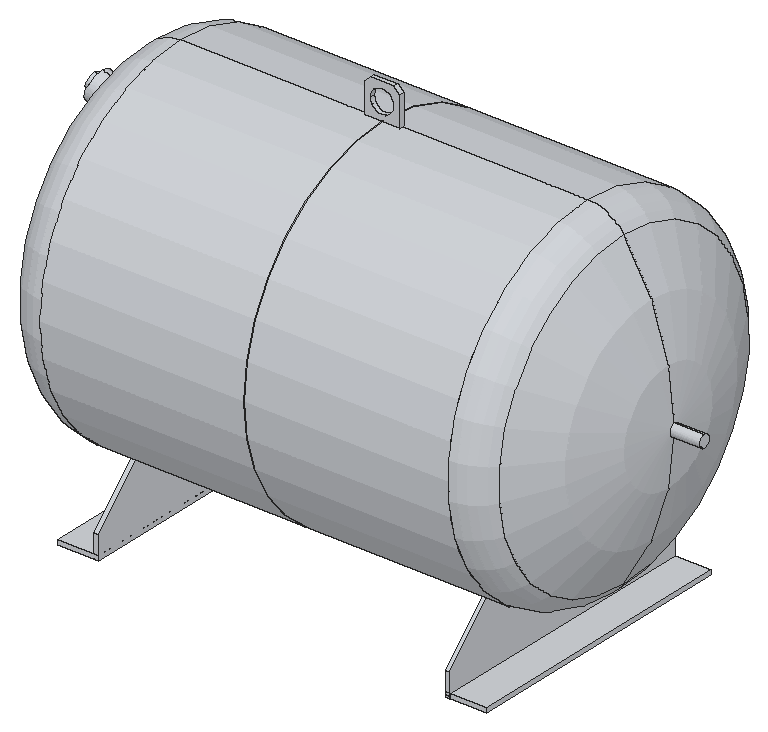
Revit family
Parameters (values of type "AX-240 125# W.P. with Saddle")
  Weight = "401 lbs"
  Tank Volume = "132 Gal"
  Tank Radius = Tank Diameter / 2  # 15.000"
  Tank Length = 49.625"
  Tank Diameter = 30.000"
  Pipe Connector Diameter = Pipe Connection Radius * 2  # 1.000"
  Pipe Connection Radius = 0.500"
  Off Ref Plane = 2.750"
  Model = "AX-240"
  Maximum Acceptance Volume = "45.0 Gal"
  Max Operating Temp = "240 DEG F"
  Max Operating Pressure = "125 PSI"
  Manufacturer = "Amtrol"
  CL to Saddle = 14.816"
  Bladder/Diaphragm = "Diaphragm"
  ASME = no
  1/2 Tank Length = Tank Length / 2  # 24.8125"
Types (3): name | Weight | Max Operating Pressure
  (no name) | "401 lbs" | "125 PSI"
  AX-240 125# W.P. with Saddle | "401 lbs" | "125 PSI"
  AX-240 150# W.P. 10 BAR with Saddle | "403 lbs" | "150 PSI"
Reference planes (in)
  plane 1 "Center (Front/Back)": y = 0
  plane 2: z = 0
  plane 3 "Center (Left/Right)": x = 0
  plane 4: z = 2.75
Forms (in)
  Sweep 1, solid
    path origin (4.99944, 0, 2.98695) x (1, 0, 0) y (0, 0, 1)
      loop
        line (19.84719, 14.75873) -> (22.34719, 14.75873)
    profile origin (26.09662, 0, 17.74569) x (0, 0, 1) y (0, -1, 0)
      loop
        circle (0, 0) r 0.5
  Extrusion 2, solid
    sketch origin (0, 0.0625, 6.02034) x (1, 0, 0) y (0, 0, 1)
      loop
        line (-1.5, 26.60132) -> (1.5, 26.60132) -> (1.5, 29.25) -> (1, 29.75) -> (-1, 29.75) -> (-1.5, 29.25) -> (-1.5, 26.60132)
      loop
        circle (0, 28.20804) r 1
    from -0.10608 to 0.25
  Revolve 3, solid
    sketch origin (-5.42986, 0, 10.95384) x (-1, 0, 0) y (0, 0, 1)
      loop
        line (17.47, 15.29207) -> (17.95407, 14.09398) -> (19.57664, 14.74954) -> (19.38933, 15.21313) -> (19.51478, 15.26381) -> (19.46636, 15.38366) -> (19.78936, 15.51416) -> (19.54102, 16.12882) -> (17.47, 15.29207)
      axis (17.47, 15.29207) -> (19.54102, 16.12882)
    angle from 0 to 360
  Revolve 4, solid
    sketch origin (0, 0, 0) x (1, 0, 0) y (0, 0, 1)
      loop
        line (-24.8125, 17.74569) -> (0, 17.74569) -> (0, 32.74569) -> (-17.40644, 32.74569)
        arc (-17.40644, 32.74569) -> (-19.13229, 32.27408) -> (-20.47991, 31.09725) r 4
        arc (-20.47991, 31.09725) -> (-23.7017, 24.76398) -> (-24.8125, 17.74569) r 22.75
      axis (0, 17.74569) -> (-24.8125, 17.74569)
    angle from 0 to 360
  Revolve 5, solid
    sketch origin (0, 0, 0) x (-1, 0, 0) y (0, 0, 1)
      loop
        line (-24.8125, 17.74569) -> (0, 17.74569) -> (0, 32.74569) -> (-17.40644, 32.74569)
        arc (-17.40644, 32.74569) -> (-19.13229, 32.27408) -> (-20.47991, 31.09725) r 4
        arc (-20.47991, 31.09725) -> (-23.7017, 24.76398) -> (-24.8125, 17.74569) r 22.75
      axis (0, 17.74569) -> (-24.8125, 17.74569)
    angle from 0 to 360
  Extrusion 6, solid
    sketch origin (0, 0, 0) x (0, 1, 0) y (0, 0, 1)
      loop
        line (12, -0.9375) -> (12, 1.07104) -> (8.00854, 5.0625)
        arc (8.00854, 5.0625) -> (0, 2.74569) -> (-8.00854, 5.0625) r 15
        line (-8.00854, 5.0625) -> (-12, 1.07104) -> (-12, -0.9375) -> (12, -0.9375)
    from 14.816 to 15.18499
  Extrusion 7, solid
    sketch origin (0, 0, 0) x (1, 0, 0) y (0, 0, 1)
      loop
        line (14.816, -0.9375) -> (18.316, -0.9375) -> (18.316, -0.5625) -> (14.816, -0.5625) -> (14.816, -0.9375)
    from -12 to 12
  Extrusion 8, solid
    sketch origin (0, 0, 0) x (0, 1, 0) y (0, 0, -1)
      loop
        line (12, 0.9375) -> (-12, 0.9375) -> (-12, -1.07104) -> (-8.00854, -5.0625)
        arc (-8.00854, -5.0625) -> (0, -2.74569) -> (8.00854, -5.0625) r 15
        line (8.00854, -5.0625) -> (12, -1.07104) -> (12, 0.9375)
    from 14.816 to 15.18499
  Extrusion 9, solid
    sketch origin (0, 0, 0) x (-1, 0, 0) y (0, 0, -1)
      loop
        line (14.816, 0.9375) -> (14.816, 0.5625) -> (18.316, 0.5625) -> (18.316, 0.9375) -> (14.816, 0.9375)
    from -12 to 12
Dimensions and locks (in)
  plane 4 to plane 2 = 2.750"
  Revolve 3 sketch curve to Revolve 3 sketch curve = 2.23366"
  Revolve 3 sketch curve to Revolve 3 sketch curve = 1.750"
  Revolve 3 sketch curve to Revolve 3 sketch curve = 1.8853"
  Revolve 4 sketch curve to level = 17.74569"
  "Tank Radius": Revolve 4 sketch curve to Revolve 4 sketch curve
  "1/2 Tank Length": Revolve 4 sketch curve to Revolve 4 sketch curve
  "Tank Radius": Revolve 5 sketch curve to Revolve 5 sketch curve
  "1/2 Tank Length": Revolve 5 sketch curve to Revolve 5 sketch curve
  Revolve 5 sketch curve to level = 17.74569"
  Sweep 1 sketch curve to Revolve 5 = 7.44018"
  Revolve 3 sketch curve to Revolve 4 = 5.97749"
  locked: Revolve 3 sketch curve to Revolve 4 at 5.49343
  locked: Revolve 5 to Extrusion 6 sketch curve at 3.68319
  locked: Extrusion 6 sketch curve to plane 1 "Center (Front/Back)" at 12
  locked: Extrusion 6 sketch curve to Extrusion 6 sketch curve at 24
  "CL to Saddle": Extrusion 6 to plane 3 "Center (Left/Right)"
  locked: Extrusion 6 to Extrusion 6 at 0.36899
  Extrusion 7 sketch curve to Extrusion 7 sketch curve = 3.500"
  Extrusion 7 sketch curve to Extrusion 7 sketch curve = 0.375"
  locked: Extrusion 7 to Extrusion 6 sketch curve at 6  (x2)
  locked: Extrusion 8 sketch curve to Extrusion 8 sketch curve at 24
  locked: Extrusion 8 to Extrusion 8 at 0.36899
  Extrusion 9 sketch curve to Extrusion 9 sketch curve = 3.500"
  Extrusion 9 sketch curve to Extrusion 9 sketch curve = 0.375"
  locked: Extrusion 8 sketch curve to Extrusion 9 at 6  (x2)
  locked: Extrusion 6 to Extrusion 7 at 3.5
  locked: Extrusion 9 to Extrusion 8 at 3.5
  "CL to Saddle": plane 3 "Center (Left/Right)" to Extrusion 8
  radius of Revolve 4 sketch curve = 22.750"
  radius of Revolve 4 sketch curve = 4.000"
  radius of Revolve 5 sketch curve = 22.750"
  radius of Revolve 5 sketch curve = 4.000"
  aligned and locked: Revolve 4 sketch curve to Revolve 4 sketch curve  (x2)
  aligned and locked: Revolve 5 sketch curve to Revolve 5 sketch curve  (x2)
  aligned and locked: import instance to plane 1 "Center (Front/Back)"
  aligned and locked: import instance to plane 4
  aligned and locked: Extrusion 6 to Extrusion 7
  aligned and locked: Extrusion 7 to Extrusion 6
  aligned and locked: Extrusion 8 to Extrusion 9
  aligned and locked: Extrusion 9 to Extrusion 8
Automatic sketch dimensions
  Sweep 1 sketch curve to Sweep 1 sketch curve = 2.500"
  plane 4 to Sweep 1 sketch curve = 14.99569"
  Sweep 1 sketch curve to plane 1 "Center (Front/Back)" = 0.000"
  profile plane to Sweep 1 sketch curve = 0.000"
  Extrusion 2 sketch curve to plane 3 "Center (Left/Right)" = 0.000"
  Extrusion 2 sketch curve to plane 3 "Center (Left/Right)" = 1.000"
  Extrusion 2 sketch curve to plane 3 "Center (Left/Right)" = 1.500"
  plane 3 "Center (Left/Right)" to Extrusion 2 sketch curve = 1.000"
  plane 3 "Center (Left/Right)" to Extrusion 2 sketch curve = 1.500"
  plane 4 to Extrusion 2 sketch curve = 29.87167"
  Extrusion 2 sketch curve to Extrusion 2 sketch curve = 1.60672"
  Extrusion 2 sketch curve to Extrusion 2 sketch curve = 1.04196"  (x2)
  Extrusion 2 sketch curve to Extrusion 2 sketch curve = 0.500"
  Revolve 3 sketch curve to Revolve 3 sketch curve = 1.21693"
  Revolve 3 sketch curve to Revolve 3 sketch curve = 1.43527"
  Revolve 3 sketch curve to Revolve 3 sketch curve = 0.07703"
  Revolve 3 sketch curve to level = 26.21765"
  Revolve 3 sketch curve to Revolve 3 sketch curve = 0.04842"
  Revolve 3 sketch curve to Revolve 3 sketch curve = 0.88438"
  Revolve 3 sketch curve to Revolve 3 sketch curve = 0.49167"
  Revolve 3 sketch curve to Revolve 3 sketch curve = 0.35731"
  Revolve 4 sketch curve to plane 3 "Center (Left/Right)" = 0.000"
  Revolve 4 sketch curve to Revolve 4 sketch curve = 5.3837"
  Revolve 4 sketch curve to Revolve 4 sketch curve = 4.33259"
  Revolve 4 sketch curve to Revolve 4 sketch curve = 0.000"
  Revolve 4 sketch curve to Revolve 4 sketch curve = 3.07347"
  Revolve 5 sketch curve to plane 3 "Center (Left/Right)" = 0.000"
  Revolve 5 sketch curve to Revolve 5 sketch curve = 5.3837"
  Revolve 5 sketch curve to Revolve 5 sketch curve = 4.33259"
  Revolve 5 sketch curve to Revolve 5 sketch curve = 0.000"
  Revolve 5 sketch curve to Revolve 5 sketch curve = 3.07347"
  Extrusion 6 sketch curve to plane 1 "Center (Front/Back)" = 0.000"
  Extrusion 6 sketch curve to Extrusion 6 sketch curve = 3.99146"
  level to Extrusion 6 sketch curve = 1.07104"  (x2)
  plane 4 to Extrusion 6 sketch curve = 14.99569"
  Extrusion 7 sketch curve to level = 0.9375"
  plane 3 "Center (Left/Right)" to Extrusion 7 sketch curve = 14.816"
  Extrusion 8 sketch curve to plane 1 "Center (Front/Back)" = 0.000"
  plane 1 "Center (Front/Back)" to Extrusion 8 sketch curve = 8.00854"
  level to Extrusion 8 sketch curve = 1.07104"  (x2)
  Extrusion 8 sketch curve to Extrusion 8 sketch curve = 3.99146"
  plane 4 to Extrusion 8 sketch curve = 14.99569"
  Extrusion 8 sketch curve to level = 0.9375"
  level to Extrusion 9 sketch curve = 0.9375"
  plane 3 "Center (Left/Right)" to Extrusion 9 sketch curve = 14.816"
  radius of Sweep 1 sketch curve = 0.500"
  radius of Extrusion 2 sketch curve = 1.000"
Connectors (in)
  piping at (27.34662, 0, 17.74569), driven by "Pipe Connection Radius"
    settings: on Sweep 1, index 1
